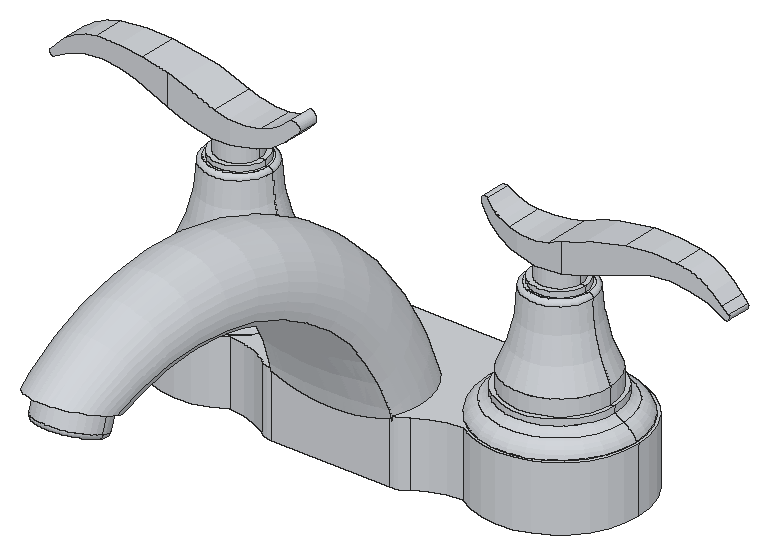
Revit family "01-1802-11-MEZCLADOR LAVAMANOS PLÁSTICO TEDESCA", category Plumbing Fixtures, host Face, Revit 2018
Family settings
  Host = Face
  Round Connector Dimension = Use Diameter
  Part Type = Normal
  OmniClass Number = 23.31.11.00
  Cut with Voids When Loaded = No
  Shared = No
  Room Calculation Point = No
Parameters (values of type "01-1802-11")
  Waste Water Outlet = ""
  Waste Connection = 1 = 0  # no
  Vent Connection = 1 = 0  # no
  URL = "https://www.gricol.com/"
  Type Image = MEZCLADOR LAVAMANOS TEDESCA FOTO.JPG
  Product Name = " MEZCLADOR LAVAMANOS PLÁSTICO COLECCIÓN TEDESCA\r"  # constant formula
  Plastico ABS Cromado = Plastico ABS Cromado
  Model = " 01-1802-11\r"  # constant formula
  Manufacturer = "Gricol"  # constant formula
  Link Ficha Tecnica = "http://infotecnica.gricol.com/FT_01180211_01180211M.pdf"
  Largo = 129 mm
  HW Connection = 1 = 1  # yes
  Description = "Griferia bimando baño"  # constant formula
  Default Elevation = 0 mm
  Date Modified = ""
  Date Created = "05/28/2020"  # constant formula
  Copyright = "All rights reserved © Gricol - 2020."  # constant formula
  CW Connection = 1 = 1  # yes
  Assembly Code = ""
  Ancho = 218 mm
  Alto = 87.425 mm
Reference planes
  plane 1 "Center (Front/Back)": y = 0
  plane 2: z = 0
  plane 3 "Center (Left/Right)": x = 0
  plane 4: y = -84.675
  plane 5: x = -109
  plane 6: x = 109
  plane 7: y = -25.044
  plane 8: z = 54.975
  plane 9: z = 87.425
  plane 10: y = 25.325
  plane 11: y = -129
  plane 12: x = 29
Dimensions and locks
  "Ancho": plane 5 to plane 6
  plane 2 to plane 9 = 87.425 mm
  equal spacing: plane 5, plane 3 "Center (Left/Right)", plane 6
  "Alto": plane 9 to level
  "Largo": plane 1 "Center (Front/Back)" to plane 11
  plane 12 to plane 6 = 80 mm
  aligned and locked: plane 2 to host face
  aligned and locked: level to host face
Automatic sketch dimensions
  host sketch curve to host sketch curve = 2438.4 mm  (x2)
Nested families
  nested 1: "MEZCLADOR LAVAMANOS PLÁSTICO TEDESCA" at (0, -0.855, 0), type "MEZCLADOR LAVAMANOS PLÁSTICO TEDESCA"
Connectors
  piping at (-52.538, 0.002, -1.193), diameter 12.7
    settings: on nested 1, index 1, connector inside diameter 24", connector length 0 mm, flow factor 0, pipe flow 0 GPM, pressure drop 0.00 psi, fitting loss kfactor 0, connector angle 0.00°, fixture units 0, engagement length 0 mm, angle of deflection 0.00°, flow configuration 0, flow direction 0, fitting loss method 0, system type 19, joint type 0, gender type 0, connector reference index -1, connector utility 0, adjustable connector no, is connector primary yes, connector description ""
  piping at (52.462, 0.002, -1.193), diameter 12.7
    settings: on nested 1, index 2, connector inside diameter 24", connector length 0 mm, flow factor 0, pipe flow 0 GPM, pressure drop 0.00 psi, fitting loss kfactor 0, connector angle 0.00°, fixture units 0, engagement length 0 mm, angle of deflection 0.00°, flow configuration 0, flow direction 0, fitting loss method 0, system type 20, joint type 0, gender type 0, connector reference index -1, connector utility 0, adjustable connector no, is connector primary no, connector description ""
Definition of nested family "MEZCLADOR LAVAMANOS PLÁSTICO TEDESCA"
  Parameters (values of type "MEZCLADOR LAVAMANOS PLÁSTICO TEDESCA")
    Material = none
  Reference planes
    plane 1 "Center (Front/Back)": y = 0
    plane 2: z = 0
    plane 3 "Center (Left/Right)": x = 0
    plane 4: y = -128.722
    plane 5: z = 86.8
    plane 6: y = 20
    plane 7: x = 50.818
    plane 8: y = -14.487
    plane 9: x = -17.832
    plane 10: x = 17.832
    plane 11: y = -20.112
    plane 12: y = -87.633
    plane 13: y = -92
    plane 14: y = 12.897
    plane 15: through (0, -84.525, 60.273) normal (0, -0.9519, 0.3063)
    plane 16: z = 71.972
    plane 17: z = 132.8
    plane 18: z = 57.9
    plane 19: x = -50.818
  Forms (mm)
    Extrusion 1, solid, material <- "Material"
      sketch origin (0, 0, 0) x (0, 1, 0) y (1, 0, 0)
        loop
          circle (0.857, -52.538) r 3.935
        loop
          circle (0.857, 52.462) r 3.935
      from 0 to 1.193
    Revolve 2, solid, material <- "Material"
      sketch origin (0, -128.458, 61.022) x (0, 0.34202, 0.939693) y (-1, 0, 0)
        loop
          line (1.991, 0) -> (1.991, 10.407) -> (-3.945, 10.407)
          arc (-3.945, 10.407) -> (-4.66, 10.216) -> (-5.184, 9.692) r 1.431
          line (-5.184, 9.692) -> (-5.184, 8.863) -> (-3.268, 8.863)
          arc (-3.268, 8.863) -> (-3.014, 8.609) -> (-3.268, 8.355) r 0.254
          line (-3.268, 8.355) -> (-4.391, 8.355)
          arc (-4.391, 8.355) -> (-4.826, 7.663) -> (-4.014, 7.571) r 0.483
          line (-4.014, 7.571) -> (-4.014, 0) -> (1.991, 0)
        axis (1.991, 0) -> (-5.184, 0)
      angle from 0 to 360
    SweptBlend 3, solid, material <- "Material"
      path origin (0, -1.25, 0) x (0, 1, 0) y (0, 0, 1)
        loop
          arc (-5.621, 6.235) -> (-62.082, 72.15) -> (-145.822, 49.342) r 81.151
      profile origin (0, -6.871, 6.235) x (0, -0.989636, -0.143596) y (1, 0, 0)
        loop
          line (17.042, -19.943) -> (17.042, 20.057)
          arc (17.042, 20.057) -> (-14.459, 0.057) -> (17.042, -19.943) r 22.099
      end profile origin (0, -147.072, 49.342) x (0, 0.73801, -0.67479) y (1, 0, 0)
        loop
          spline (0, -11.86) -> (2.588, -11.456) -> (5, -10.271) -> (7.071, -8.387) -> (8.66, -5.93) -> (9.659, -3.07) -> (10, 0) -> (9.659, 3.07) -> (8.66, 5.93) -> (7.071, 8.387) -> (5, 10.271) -> (2.588, 11.456) -> (0, 11.86)
          spline (0, 11.86) -> (-2.588, 11.456) -> (-5, 10.271) -> (-7.071, 8.387) -> (-8.66, 5.93) -> (-9.659, 3.07) -> (-10, 0) -> (-9.659, -3.07) -> (-8.66, -5.93) -> (-7.071, -8.387) -> (-5, -10.271) -> (-2.588, -11.456) -> (0, -11.86)
    Extrusion 4, void
      sketch origin (0, 0.938, 0.625) x (0, -1, 0) y (0, 0, 1)
        loop
          line (113.076, 56.592) -> (113.076, 37.449) -> (158.076, 37.449) -> (158.076, 72.97) -> (113.076, 56.592)
      from -22.835 to 20.022
    Revolve 5, solid, material <- "Material"
      sketch origin (-16.894, 0.757, 115.212) x (1, 0, 0) y (0, 0, 1)
        loop
          line (-33.924, -115.213) -> (-33.924, -48.213) -> (-40.62, -48.213) -> (-40.62, -55.738) -> (-42.257, -55.738) -> (-42.257, -57.313) -> (-43.12, -57.313)
          arc (-43.12, -57.313) -> (-44.079, -57.71) -> (-44.477, -58.67) r 1.357
          arc (-44.477, -58.67) -> (-45.954, -70.51) -> (-50.113, -81.694) r 51.554
          line (-50.113, -81.694) -> (-50.113, -86.694) -> (-51.508, -86.694) -> (-51.508, -88.54)
          arc (-51.508, -88.54) -> (-52.739, -89.739) -> (-54.26, -90.539) r 5.988
          arc (-54.26, -90.539) -> (-56.674, -92.153) -> (-58.026, -94.723) r 5.899
          line (-58.026, -94.723) -> (-58.026, -115.213) -> (-33.924, -115.213)
        axis (-33.924, -115.213) -> (-33.924, -48.213)
      angle from 0 to 360
    Extrusion 6, solid, material <- "Material"
      sketch origin (0, 0, 0) x (1, 0, 0) y (0, 1, 0)
        loop
          arc (-34.704, 19.97) -> (-61.491, 23.474) -> (-76, 0.685) r 25.151
          arc (-76, 0.685) -> (-62.745, -21.488) -> (-36.939, -20.311) r 25.174
          arc (-36.939, -20.311) -> (-29.903, -21.388) -> (-23.513, -24.523) r 23.504
          arc (-23.513, -24.523) -> (-21.307, -25.939) -> (-18.717, -26.34) r 6.324
          line (-18.717, -26.34) -> (18.717, -26.34)
          arc (18.717, -26.34) -> (21.307, -25.939) -> (23.513, -24.523) r 6.324
          arc (23.513, -24.523) -> (29.903, -21.388) -> (36.939, -20.311) r 23.504
          arc (36.939, -20.311) -> (62.745, -21.488) -> (76, 0.685) r 25.174
          arc (76, 0.685) -> (61.491, 23.474) -> (34.704, 19.97) r 25.151
          line (34.704, 19.97) -> (-34.704, 19.97)
      from 0 to 20.49
    Extrusion 7, solid, material <- "Material"
      sketch origin (-209.648, -14.487, 1215.54) x (-1, 0, 0) y (0, 0, -1)
        loop
          arc (-103.559, 1147.211) -> (-116.808, 1141.95) -> (-130.972, 1143.568) r 29.289
          arc (-130.972, 1143.568) -> (-140.085, 1146.759) -> (-149.333, 1149.534) r 212.9
          arc (-149.333, 1149.534) -> (-159.333, 1150.886) -> (-169.333, 1149.534) r 37.654
          arc (-169.333, 1149.534) -> (-175.512, 1146.757) -> (-180.563, 1142.241) r 22.143
          arc (-180.563, 1142.241) -> (-180.656, 1139.804) -> (-178.334, 1139.058) r 2.017
          arc (-178.334, 1139.058) -> (-174.69, 1142.078) -> (-170.198, 1143.568) r 12.796
          arc (-170.198, 1143.568) -> (-163.256, 1143.999) -> (-156.442, 1142.606) r 26.451
          arc (-156.442, 1142.606) -> (-145.019, 1138.509) -> (-133.134, 1136.06) r 86.066
          arc (-133.134, 1136.06) -> (-125.369, 1135.544) -> (-117.604, 1136.06) r 58.701
          arc (-117.604, 1136.06) -> (-110.123, 1138.534) -> (-104.06, 1143.568) r 21.221
          arc (-104.06, 1143.568) -> (-103.073, 1144.653) -> (-101.988, 1145.64) r 15.575
          arc (-101.988, 1145.64) -> (-102.106, 1147.093) -> (-103.559, 1147.211) r 1.126
      from -22.632 to -7.602
    Extrusion 8, solid, material <- "Material"
      sketch origin (209.648, -14.487, 1215.54) x (1, 0, 0) y (0, 0, 1)
        loop
          arc (-103.559, -1147.211) -> (-102.106, -1147.093) -> (-101.988, -1145.64) r 1.126
          arc (-101.988, -1145.64) -> (-103.073, -1144.653) -> (-104.06, -1143.568) r 15.575
          arc (-104.06, -1143.568) -> (-110.123, -1138.534) -> (-117.604, -1136.06) r 21.221
          arc (-117.604, -1136.06) -> (-125.369, -1135.544) -> (-133.134, -1136.06) r 58.701
          arc (-133.134, -1136.06) -> (-145.019, -1138.509) -> (-156.442, -1142.606) r 86.066
          arc (-156.442, -1142.606) -> (-163.256, -1143.999) -> (-170.198, -1143.568) r 26.451
          arc (-170.198, -1143.568) -> (-174.69, -1142.078) -> (-178.334, -1139.058) r 12.796
          arc (-178.334, -1139.058) -> (-180.656, -1139.804) -> (-180.563, -1142.241) r 2.017
          arc (-180.563, -1142.241) -> (-175.512, -1146.757) -> (-169.333, -1149.534) r 22.143
          arc (-169.333, -1149.534) -> (-159.333, -1150.886) -> (-149.333, -1149.534) r 37.654
          arc (-149.333, -1149.534) -> (-140.085, -1146.759) -> (-130.972, -1143.568) r 212.9
          arc (-130.972, -1143.568) -> (-116.808, -1141.95) -> (-103.559, -1147.211) r 29.289
      from -22.632 to -7.602
    Revolve 9, solid, material <- "Material"
      sketch origin (84.743, 0.757, 115.212) x (1, 0, 0) y (0, 0, 1)
        loop
          line (-33.924, -115.213) -> (-33.924, -48.213) -> (-40.62, -48.213) -> (-40.62, -55.738) -> (-42.257, -55.738) -> (-42.257, -57.313) -> (-43.12, -57.313)
          arc (-43.12, -57.313) -> (-44.079, -57.71) -> (-44.477, -58.67) r 1.357
          arc (-44.477, -58.67) -> (-45.954, -70.51) -> (-50.113, -81.694) r 51.554
          line (-50.113, -81.694) -> (-50.113, -86.694) -> (-51.508, -86.694) -> (-51.508, -88.54)
          arc (-51.508, -88.54) -> (-52.739, -89.739) -> (-54.26, -90.539) r 5.988
          arc (-54.26, -90.539) -> (-56.674, -92.153) -> (-58.026, -94.723) r 5.899
          line (-58.026, -94.723) -> (-58.026, -115.213) -> (-33.924, -115.213)
        axis (-33.924, -115.213) -> (-33.924, -48.213)
      angle from 0 to 360
    Extrusion 10, void
      sketch origin (-217.539, -4572, 86.8) x (0, -1, 0) y (-1, 0, 0)
        loop
          line (-4579.483, -154.863) -> (-4576.169, -107.477) -> (-4581.8, -107.477) -> (-4581.8, -190.079) -> (-4575.165, -190.079)
          arc (-4575.165, -190.079) -> (-4578.925, -172.667) -> (-4579.483, -154.863) r 98.362
      from 0 to 27.325
    Extrusion 11, void
      sketch origin (-217.539, 4573.424, 86.8) x (0, -1, 0) y (-1, 0, 0)
        loop
          line (4581.805, -173.438) -> (4581.805, -189.735) -> (4576.181, -189.735)
          arc (4576.181, -189.735) -> (4579.371, -169.676) -> (4579.099, -149.366) r 118.865
          line (4579.099, -149.366) -> (4576.169, -107.477) -> (4581.8, -107.477) -> (4581.8, -173.572)
      from -6.36 to 27.325
    Extrusion 12, void
      sketch origin (-217.539, -4571.375, 86.8) x (0, -1, 0) y (-1, 0, 0)
        loop
          arc (-4578.858, -278.652) -> (-4578.3, -260.848) -> (-4574.54, -243.437) r 98.362
          line (-4574.54, -243.437) -> (-4581.175, -243.437) -> (-4581.175, -326.039) -> (-4575.544, -326.039) -> (-4578.858, -278.652)
      from 0 to 30.257
    Extrusion 13, void
      sketch origin (-217.539, -4572, 86.8) x (0, -1, 0) y (-1, 0, 0)
        loop
          line (-4569.101, -328.132) -> (-4563.123, -328.132) -> (-4563.123, -244.156) -> (-4569.473, -244.156) -> (-4569.473, -246.106)
          arc (-4569.473, -246.106) -> (-4566.185, -260.226) -> (-4565.388, -274.701) r 83.533
          line (-4565.388, -274.701) -> (-4569.101, -328.132)
      from 0 to 28.9
  Cuts and joins
    Extrusion 4 cuts SweptBlend 3
    Extrusion 10, Extrusion 12, Extrusion 13 cuts Extrusion 6
    Extrusion 10, Extrusion 11 cuts Extrusion 7
    Extrusion 12, Extrusion 13 cuts Extrusion 8
  Dimensions and locks
    plane 4 to plane 1 "Center (Front/Back)" = 128.722 mm
    plane 6 to plane 8 = 34.487 mm  (x2)
    plane 8 to plane 6 = 34.487 mm
    plane 6 to plane 12 = 107.633 mm
    plane 10 to plane 9 = 35.663 mm
    plane 12 to plane 6 = 107.633 mm
    equal spacing: plane 10, plane 3 "Center (Left/Right)", plane 9
    plane 5 to level = 86.8 mm  (x2)
    plane 18 to level = 57.9 mm  (x2)
    equal spacing: plane 19, plane 3 "Center (Left/Right)", plane 7
    plane 19 to plane 7 = 101.637 mm
    level to Extrusion 4 = 38.074 mm
    aligned and locked: plane 2 to level
  Automatic sketch dimensions
    Extrusion 1 sketch curve to plane 1 "Center (Front/Back)" = 0.857 mm  (x2)
    Extrusion 1 sketch curve to plane 7 = 1.643 mm
    plane 19 to Extrusion 1 sketch curve = 1.72 mm
    Revolve 2 sketch curve to plane 3 "Center (Left/Right)" = 0 mm  (x2)
    Revolve 2 sketch curve to plane 3 "Center (Left/Right)" = 8.863 mm
    Revolve 2 sketch curve to Revolve 2 sketch curve = 0.793 mm
    Revolve 2 sketch curve to Revolve 2 sketch curve = 0.377 mm
    Revolve 2 sketch curve to Revolve 2 sketch curve = 0.446 mm
    Revolve 2 sketch curve to Revolve 2 sketch curve = 0.677 mm
    Revolve 2 sketch curve to Revolve 2 sketch curve = 5.259 mm
    Revolve 2 sketch curve to Revolve 2 sketch curve = 1.291 mm
    Revolve 2 sketch curve to Revolve 2 sketch curve = 0.301 mm
    Revolve 2 sketch curve to Revolve 2 sketch curve = 0.114 mm
    Revolve 2 sketch curve to Revolve 2 sketch curve = 0.829 mm
    Revolve 2 sketch curve to Revolve 2 sketch curve = 6.133 mm
    Revolve 2 sketch curve to Revolve 2 sketch curve = 1.991 mm
    plane 12 to SweptBlend 3 sketch curve = 0.451 mm
    SweptBlend 3 sketch curve to level = 5.418 mm
    SweptBlend 3 sketch curve to plane 18 = 8.558 mm
    SweptBlend 3 sketch curve to plane 4 = 18.35 mm
    level to SweptBlend 3 sketch curve = 6.235 mm
    plane 3 "Center (Left/Right)" to SweptBlend 3 sketch curve = 0.057 mm
    SweptBlend 3 sketch curve to profile plane = 7.641 mm
    SweptBlend 3 sketch curve to profile plane = 17.042 mm
    SweptBlend 3 sketch curve to plane 3 "Center (Left/Right)" = 19.943 mm
    SweptBlend 3 sketch curve to profile plane = 0 mm
    SweptBlend 3 sketch curve to plane 3 "Center (Left/Right)" = 0 mm
    SweptBlend 3 sketch curve to SweptBlend 3 sketch curve = 11.86 mm
    Extrusion 4 sketch curve to plane 18 = 0.683 mm
    plane 4 to Extrusion 4 sketch curve = 16.583 mm
    Extrusion 4 sketch curve to plane 4 = 28.417 mm
    Extrusion 4 sketch curve to Extrusion 4 sketch curve = 19.143 mm
    plane 16 to Extrusion 4 sketch curve = 1.623 mm
    Revolve 5 sketch curve to level = 0 mm  (x2)
    Revolve 5 sketch curve to plane 18 = 0 mm
    plane 19 to Revolve 5 sketch curve = 0 mm  (x2)
    plane 18 to Revolve 5 sketch curve = 1.575 mm
    plane 19 to Revolve 5 sketch curve = 6.695 mm
    Revolve 5 sketch curve to Revolve 5 sketch curve = 1.638 mm
    Revolve 5 sketch curve to Revolve 5 sketch curve = 0.862 mm
    plane 19 to Revolve 5 sketch curve = 16.189 mm
    Revolve 5 sketch curve to Revolve 5 sketch curve = 1.395 mm
    Revolve 5 sketch curve to Revolve 5 sketch curve = 0.783 mm
    Revolve 5 sketch curve to Revolve 5 sketch curve = 4.751 mm
    Revolve 5 sketch curve to Revolve 5 sketch curve = 5.736 mm
    Revolve 5 sketch curve to plane 18 = 0.94 mm
    Revolve 5 sketch curve to Revolve 5 sketch curve = 39.77 mm
    level to Revolve 5 sketch curve = 19.113 mm
    Revolve 5 sketch curve to Revolve 5 sketch curve = 1.377 mm
    Revolve 5 sketch curve to Revolve 5 sketch curve = 7.56 mm
    Revolve 5 sketch curve to Revolve 5 sketch curve = 1.846 mm
    Revolve 5 sketch curve to Revolve 5 sketch curve = 1.799 mm
    Revolve 5 sketch curve to Revolve 5 sketch curve = 5 mm
    Revolve 5 sketch curve to plane 16 = 4.973 mm
    Revolve 5 sketch curve to Revolve 5 sketch curve = 1.999 mm
    plane 19 to Extrusion 6 sketch curve = 0.031 mm
    plane 19 to Extrusion 6 sketch curve = 0.008 mm
    Extrusion 6 sketch curve to plane 19 = 13.879 mm
    Extrusion 6 sketch curve to plane 6 = 0.03 mm
    Extrusion 6 sketch curve to plane 19 = 16.115 mm
    Extrusion 6 sketch curve to plane 11 = 0.086 mm  (x2)
    Extrusion 6 sketch curve to plane 9 = 1.235 mm
    Extrusion 6 sketch curve to plane 9 = 0.885 mm
    plane 10 to Extrusion 6 sketch curve = 0.885 mm
    plane 10 to Extrusion 6 sketch curve = 1.235 mm
    plane 7 to Extrusion 6 sketch curve = 16.115 mm
    plane 7 to Extrusion 6 sketch curve = 13.879 mm
    Extrusion 6 sketch curve to plane 7 = 0.008 mm
    Extrusion 6 sketch curve to Extrusion 6 sketch curve = 0.022 mm
    plane 11 to Extrusion 6 sketch curve = 6.229 mm
    plane 11 to Extrusion 6 sketch curve = 23.703 mm  (x2)
    Extrusion 6 sketch curve to plane 1 "Center (Front/Back)" = 0.685 mm  (x2)
    Extrusion 6 sketch curve to Extrusion 6 sketch curve = 0 mm
    plane 11 to Extrusion 6 sketch curve = 4.411 mm
    Extrusion 7 sketch curve to plane 16 = 0 mm  (x5)
    plane 3 "Center (Left/Right)" to Extrusion 7 sketch curve = 3.773 mm
    Extrusion 7 sketch curve to plane 16 = 2.607 mm
    plane 9 to Extrusion 7 sketch curve = 12.812 mm
    plane 5 to Extrusion 7 sketch curve = 2.147 mm
    plane 19 to Extrusion 7 sketch curve = 9.658 mm
    plane 19 to Extrusion 7 sketch curve = 6.272 mm
    Extrusion 7 sketch curve to plane 5 = 0.554 mm
    plane 19 to Extrusion 7 sketch curve = 4.623 mm
    plane 19 to Extrusion 7 sketch curve = 0.504 mm
    Extrusion 7 sketch curve to plane 19 = 33.46 mm
    level to Extrusion 7 sketch curve = 5.83 mm
    Extrusion 7 sketch curve to Extrusion 7 sketch curve = 3.62 mm
    Extrusion 7 sketch curve to Extrusion 7 sketch curve = 4.702 mm
    Extrusion 7 sketch curve to plane 18 = 0.545 mm
    Extrusion 7 sketch curve to Extrusion 7 sketch curve = 0.256 mm
    plane 16 to Extrusion 7 sketch curve = 2.73 mm
    Extrusion 7 sketch curve to Extrusion 7 sketch curve = 17.51 mm
    Extrusion 7 sketch curve to Extrusion 7 sketch curve = 10.842 mm
    Extrusion 7 sketch curve to level = 21.295 mm
    plane 18 to Extrusion 7 sketch curve = 13.344 mm
    plane 5 to Extrusion 7 sketch curve = 4.9 mm
    Extrusion 7 sketch curve to Extrusion 7 sketch curve = 10.574 mm
    Extrusion 7 sketch curve to Extrusion 7 sketch curve = 4.381 mm
    Extrusion 7 sketch curve to plane 17 = 138.461 mm
    Extrusion 7 sketch curve to plane 16 = 1.326 mm
    Extrusion 7 sketch curve to Extrusion 7 sketch curve = 0 mm  (x4)
    Extrusion 7 sketch curve to Extrusion 7 sketch curve = 0.67 mm
    Extrusion 7 sketch curve to plane 16 = 0.962 mm
    Extrusion 8 sketch curve to plane 16 = 0 mm  (x5)
    Extrusion 8 sketch curve to plane 3 "Center (Left/Right)" = 3.773 mm
    Extrusion 8 sketch curve to plane 16 = 2.607 mm
    Extrusion 8 sketch curve to plane 10 = 12.812 mm
    plane 5 to Extrusion 8 sketch curve = 2.147 mm
    Extrusion 8 sketch curve to plane 7 = 9.658 mm
    Extrusion 8 sketch curve to plane 7 = 6.272 mm
    Extrusion 8 sketch curve to plane 5 = 0.554 mm
    Extrusion 8 sketch curve to plane 7 = 4.623 mm
    Extrusion 8 sketch curve to plane 7 = 0.504 mm
    plane 7 to Extrusion 8 sketch curve = 33.46 mm
    level to Extrusion 8 sketch curve = 5.83 mm
    Extrusion 8 sketch curve to Extrusion 8 sketch curve = 3.62 mm
    Extrusion 8 sketch curve to Extrusion 8 sketch curve = 4.702 mm
    Extrusion 8 sketch curve to plane 18 = 0.545 mm
    Extrusion 8 sketch curve to Extrusion 8 sketch curve = 0.256 mm
    plane 16 to Extrusion 8 sketch curve = 2.73 mm
    Extrusion 8 sketch curve to Extrusion 8 sketch curve = 17.51 mm
    Extrusion 8 sketch curve to Extrusion 8 sketch curve = 10.842 mm
    Extrusion 8 sketch curve to Extrusion 8 sketch curve = 10.574 mm
    Extrusion 8 sketch curve to Extrusion 8 sketch curve = 4.381 mm
    Extrusion 8 sketch curve to plane 17 = 138.461 mm
    plane 5 to Extrusion 8 sketch curve = 4.9 mm
    plane 18 to Extrusion 8 sketch curve = 13.344 mm
    Extrusion 8 sketch curve to level = 21.295 mm
    Extrusion 8 sketch curve to plane 16 = 1.326 mm
    Extrusion 8 sketch curve to Extrusion 8 sketch curve = 0 mm  (x4)
    Extrusion 8 sketch curve to Extrusion 8 sketch curve = 0.67 mm
    Extrusion 8 sketch curve to plane 16 = 0.962 mm
    Revolve 9 sketch curve to level = 0 mm  (x2)
    Revolve 9 sketch curve to plane 18 = 0 mm
    plane 7 to Revolve 9 sketch curve = 0 mm  (x2)
    plane 18 to Revolve 9 sketch curve = 1.575 mm
    plane 7 to Revolve 9 sketch curve = 6.695 mm
    Revolve 9 sketch curve to Revolve 9 sketch curve = 1.638 mm
    Revolve 9 sketch curve to Revolve 9 sketch curve = 0.862 mm
    plane 7 to Revolve 9 sketch curve = 16.189 mm
    Revolve 9 sketch curve to Revolve 9 sketch curve = 1.395 mm
    Revolve 9 sketch curve to Revolve 9 sketch curve = 0.783 mm
    Revolve 9 sketch curve to Revolve 9 sketch curve = 4.751 mm
    plane 10 to Revolve 9 sketch curve = 8.884 mm
    Revolve 9 sketch curve to plane 18 = 0.94 mm
    plane 9 to Revolve 9 sketch curve = 6.545 mm
    level to Revolve 9 sketch curve = 19.113 mm
    Revolve 9 sketch curve to Revolve 9 sketch curve = 1.377 mm
    Revolve 9 sketch curve to Revolve 9 sketch curve = 7.56 mm
    Revolve 9 sketch curve to Revolve 9 sketch curve = 1.846 mm
    Revolve 9 sketch curve to Revolve 9 sketch curve = 1.799 mm
    Revolve 9 sketch curve to Revolve 9 sketch curve = 5 mm
    Revolve 9 sketch curve to plane 16 = 4.973 mm
    Revolve 9 sketch curve to Revolve 9 sketch curve = 1.999 mm
    Extrusion 10 sketch curve to plane 14 = 3.098 mm
    Extrusion 10 sketch curve to plane 14 = 5.414 mm
    Extrusion 10 sketch curve to plane 1 "Center (Front/Back)" = 4.169 mm
    Extrusion 10 sketch curve to plane 1 "Center (Front/Back)" = 3.165 mm
    plane 13 to Extrusion 10 sketch curve = 1.294 mm
    plane 19 to Extrusion 10 sketch curve = 59.244 mm
    plane 19 to Extrusion 10 sketch curve = 11.858 mm
    plane 19 to Extrusion 10 sketch curve = 6.024 mm
    Extrusion 12 sketch curve to plane 14 = 3.098 mm
    Extrusion 12 sketch curve to plane 14 = 5.414 mm
    Extrusion 12 sketch curve to plane 1 "Center (Front/Back)" = 4.169 mm
    Extrusion 12 sketch curve to plane 1 "Center (Front/Back)" = 3.165 mm
    plane 13 to Extrusion 12 sketch curve = 1.294 mm
    plane 10 to Extrusion 12 sketch curve = 8.066 mm
    plane 3 "Center (Left/Right)" to Extrusion 12 sketch curve = 55.28 mm
    Extrusion 12 sketch curve to Extrusion 12 sketch curve = 47.386 mm
    Extrusion 13 sketch curve to plane 7 = 3.68 mm
    plane 1 "Center (Front/Back)" to Extrusion 13 sketch curve = 2.899 mm
    plane 1 "Center (Front/Back)" to Extrusion 13 sketch curve = 6.612 mm
    Extrusion 13 sketch curve to plane 8 = 5.61 mm
    plane 10 to Extrusion 13 sketch curve = 8.786 mm
    Extrusion 13 sketch curve to plane 7 = 6.344 mm
    Extrusion 13 sketch curve to Extrusion 13 sketch curve = 53.431 mm
    plane 1 "Center (Front/Back)" to Extrusion 13 sketch curve = 2.527 mm
    Extrusion 13 sketch curve to Extrusion 13 sketch curve = 1.949 mm
    plane 19 to Extrusion 11 sketch curve = 5.612 mm
    plane 6 to Extrusion 11 sketch curve = 92.609 mm
    plane 1 "Center (Front/Back)" to Extrusion 11 sketch curve = 2.746 mm
    plane 1 "Center (Front/Back)" to Extrusion 11 sketch curve = 2.758 mm
    plane 1 "Center (Front/Back)" to Extrusion 11 sketch curve = 5.675 mm
    Extrusion 11 sketch curve to Extrusion 11 sketch curve = 5.63 mm
    Extrusion 11 sketch curve to Extrusion 11 sketch curve = 5.624 mm
    plane 19 to Extrusion 11 sketch curve = 17.355 mm
    Extrusion 11 sketch curve to Extrusion 11 sketch curve = 41.889 mm
    Extrusion 11 sketch curve to plane 19 = 6.717 mm
    Extrusion 11 sketch curve to Extrusion 11 sketch curve = 0.134 mm
    radius of Extrusion 1 sketch curve = 3.935 mm  (x2)
